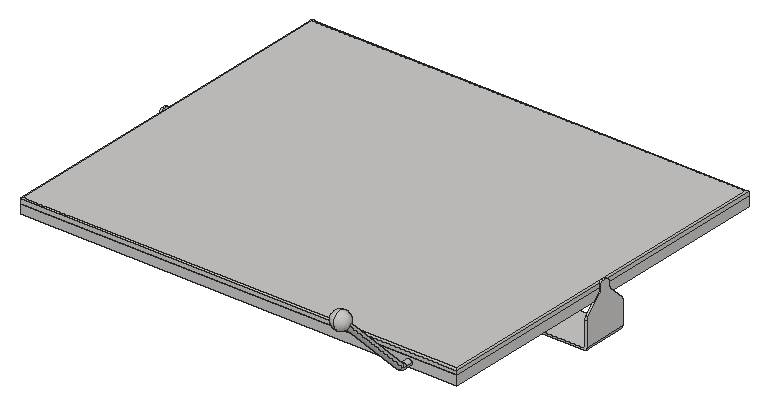
Revit family "PRD_FrankeWS_Mrrs_ContinaMirror_CNTX91", category Furniture, host Face, Revit 2018
Family settings
  Host = Face
  OmniClass Number = 23.40.20.21
  OmniClass Title = Toilet and Bath Specialties
  Cut with Voids When Loaded = No
  Shared = No
  Room Calculation Point = No
Parameters (values of type "CNTX91")
  WarrantyStartDate [instance] = "1900-12-31T23:59:59"
  WarrantyGuarantorParts = "n/a"
  WarrantyGuarantorLabor = "n/a"
  WarrantyDurationUnit = "year"
  WarrantyDurationParts = "n/a"
  WarrantyDurationLabor = "n/a"
  WarrantyDescription = "n/a"
  Version = "1"
  Uniclass2015Version = "Products v1.5"
  Uniclass2015Title = "Bathroom mirrors"
  Uniclass2015Code = "Pr_25_71_53_06"
  URL = "www.kwc.com"
  TypeOfFixing = "Clamp"
  TagNumber [instance] = "n/a"
  SustainabilityPerformance = "n/a"
  Style = "Mirror"
  Size = "600 x 500 x 74 mm"
  Shape = "n/a"
  SerialNumber [instance] = "n/a"
  Revision = "n/a"
  ReplacementCost = "n/a"
  ProductInformation = "https://pim.kwc.com/product/2000057509/attachment/datasheet?locale=en"
  NominalWidth = 600 mm
  NominalLength = 600 mm
  NominalHeight = 500 mm
  NominalDepth = 74 mm
  NetWeight = 7.50 kg
  Name = "CONTINA mirror CNTX91"
  NBSTypeID = "n/a"
  NBSReference = "45-35-72/336"
  NBSOfficeMasterTag = "n/a"
  NBSNote = "n/a"
  NBSDescription = "Mirrors"
  NBSCertification = "n/a"
  ModelReference = "CNTX91"
  ModelNumber = "2000057509"
  Model = ModelReference  # "CNTX91"
  MirrorMaterial = PRD_AR_StainlessSteel_HighPolished
  MaterialsGlazing = "Stainless steel 1.4301"
  MaterialsFrame = "Polystyrene"
  Material = "Stainless steel"
  ManufacturerURL = "www.kwc.com"
  ManufacturerName = "KWC Group AG"  # constant formula
  Manufacturer = ManufacturerName  # "KWC Group AG"
  MainColor = "Stainless steel"
  LeverOnRight [instance] = yes
  LeverOnLeft [instance] = not(LeverOnRight)  # no
  IntegralAccessories = "Stainless steel screws and dowels incl."
  InstallationDate [instance] = "1900-12-31T23:59:59"
  IfcExportType = "NOTDEFINED"
  IfcExportAs = "IfcFurnitureType"
  GrossWeight = 8.00 kg
  Grade = "n/a"
  FrameMaterial = PRD_AR_StainlessSteel_SatinFinished
  Form = "Wall mounted"
  Finish = "High polished"
  Features = "swingable, stainless steel, 1.00 mm, high polished, wall mounting, 600x500x74 mm (WxHxD)"
  ExpectedLife = "n/a"
  DurationUnit = "year"
  Description = "Swingable mirror for wall mounting, mirror and brackets stainless steel, mirror with a reflective polished surface, brackets surface satin finished, reinforced with polystyrene plate and hidden fixings, reinforced 1.5 mm stainless steel bracket on backside, swingable due to premounted lever, lever can be mounted right or left, incl. stainless steel screws and dowels."
  Default Elevation = 1100 mm
  Constituents = "n/a"
  Color = "Stainless steel"
  CodePerformance = "n/a"
  Category = "Pr_25_71_53_06, Bathroom mirrors"
  BarCode [instance] = "n/a"
  BIMObjectName = "PRD_AR_Mirrors_ContinaMirror_CNTX91"
  Author = "Archispace"  # constant formula
  AssetType = "Fixed"
  AssetIdentifier [instance] = "n/a"
  Angle [instance] = 0.00°
  AccessibilityPerformance = "n/a"
Reference planes
  plane 1 "Center (Front/Back)": y = 0
  plane 2: z = 0
  plane 3 "Center (Left/Right)": x = 0
  plane 4: y = 250
  plane 5: z = 68
Forms (mm)
  Extrusion 1, solid, material "PRD_AR_StainlessSteel_SatinFinished" <- "FrameMaterial", detail levels fine
    sketch origin (-937.396, 250, 1219.2) x (-1, 0, 0) y (0, 0, 1)
      loop
        line (-1237.396, -1214.2) -> (-1237.396, -1144.2) -> (-1240.396, -1144.2) -> (-1240.396, -1214.2)
        arc (-1240.396, -1214.2) -> (-1238.931, -1217.736) -> (-1235.396, -1219.2) r 5
        line (-1235.396, -1219.2) -> (-639.396, -1219.2)
        arc (-639.396, -1219.2) -> (-635.86, -1217.736) -> (-634.396, -1214.2) r 5
        line (-634.396, -1214.2) -> (-634.396, -1144.2) -> (-637.396, -1144.2) -> (-637.396, -1214.2)
        arc (-637.396, -1214.2) -> (-637.982, -1215.614) -> (-639.396, -1216.2) r 2
        line (-639.396, -1216.2) -> (-1235.396, -1216.2)
        arc (-1235.396, -1216.2) -> (-1236.81, -1215.614) -> (-1237.396, -1214.2) r 2
    from -30 to 30
  Extrusion 2, void
    sketch origin (0, 0, 0) x (0, 1, 0) y (0, 0, 1)
      loop
        line (221.464, 41.464) -> (241.536, 61.536)
        arc (241.536, 61.536) -> (242.619, 63.158) -> (243, 65.071) r 5
        line (243, 65.071) -> (243, 70)
        arc (243, 70) -> (244.464, 73.536) -> (248, 75) r 5
        line (248, 75) -> (220, 75) -> (220, 37.929)
        arc (220, 37.929) -> (220.381, 39.842) -> (221.464, 41.464) r 5
      loop
        line (257, 70) -> (257, 65.071)
        arc (257, 65.071) -> (257.381, 63.158) -> (258.464, 61.536) r 5
        line (258.464, 61.536) -> (278.536, 41.464)
        arc (278.536, 41.464) -> (279.619, 39.842) -> (280, 37.929) r 5
        line (280, 37.929) -> (280, 75) -> (252, 75)
        arc (252, 75) -> (255.536, 73.536) -> (257, 70) r 5
    from -303 to 303
  Extrusion 3, solid, material "PRD_AR_StainlessSteel_SatinFinished" <- "FrameMaterial", detail levels coarse+medium
    sketch origin (-937.396, 250, 1219.2) x (-1, 0, 0) y (0, 0, 1)
      loop
        line (-637.396, -1216.2) -> (-1237.396, -1216.2) -> (-1237.396, -1144.2) -> (-1240.396, -1144.2) -> (-1240.396, -1219.2) -> (-634.396, -1219.2) -> (-634.396, -1144.2) -> (-637.396, -1144.2) -> (-637.396, -1216.2)
    from -30 to 30
Cuts and joins
  Extrusion 2 cuts Extrusion 1
Lines and regions (mm)
  reference lines
    curve 1: line (0, 250, 68) -> (0, 177.408, 68)
    curve 2: line (0, 250, 68) -> (0, 250, 95.854)
Dimensions and locks
  locked: plane 1 "Center (Front/Back)" to plane 4 at 250
  "Angle": angle curve 1 to plane 5
  locked: curve 1 to curve 2 (angle 90.00°)
  aligned and locked: plane 2 to host face
  aligned and locked: level to host face
  aligned and locked: host face to Extrusion 1 sketch curve
  aligned and locked: Extrusion 3 sketch curve to cut or joined group of Extrusion 1, Extrusion 2
  aligned and locked: host face to Extrusion 3 sketch curve
  aligned and locked: plane 5 to curve 2
  aligned and locked: plane 4 to curve 2
  aligned and locked: nested 1 to curve 2
  aligned and locked: nested 1 to curve 1
  aligned and locked: plane 3 "Center (Left/Right)" to nested 1
Automatic sketch dimensions
  host sketch curve to host sketch curve = 2438.4 mm  (x2)
  Extrusion 1 sketch curve to Extrusion 1 sketch curve = 0 mm  (x4)
  plane 5 to Extrusion 1 sketch curve = 7 mm  (x2)
  plane 3 "Center (Left/Right)" to Extrusion 1 sketch curve = 303 mm
  Extrusion 1 sketch curve to Extrusion 1 sketch curve = 3 mm
  Extrusion 1 sketch curve to Extrusion 1 sketch curve = 2 mm  (x2)
  Extrusion 1 sketch curve to plane 3 "Center (Left/Right)" = 298 mm
  plane 5 to Extrusion 2 sketch curve = 7 mm
  Extrusion 2 sketch curve to plane 4 = 30 mm
  Extrusion 2 sketch curve to Extrusion 2 sketch curve = 1.464 mm  (x3)
  Extrusion 2 sketch curve to Extrusion 2 sketch curve = 3.536 mm  (x3)
  Extrusion 2 sketch curve to plane 5 = 2.929 mm  (x2)
  Extrusion 2 sketch curve to plane 4 = 12 mm
  plane 5 to Extrusion 2 sketch curve = 2 mm  (x2)
  Extrusion 2 sketch curve to plane 4 = 7 mm
  plane 4 to Extrusion 2 sketch curve = 2 mm
  plane 4 to Extrusion 2 sketch curve = 7 mm
  Extrusion 2 sketch curve to plane 5 = 6.464 mm
  plane 4 to Extrusion 2 sketch curve = 25 mm
  Extrusion 2 sketch curve to plane 5 = 26.536 mm  (x2)
  plane 5 to Extrusion 3 sketch curve = 7 mm  (x2)
  Extrusion 3 sketch curve to plane 3 "Center (Left/Right)" = 300 mm
  Extrusion 3 sketch curve to Extrusion 3 sketch curve = 3 mm  (x2)
  plane 3 "Center (Left/Right)" to Extrusion 3 sketch curve = 300 mm
Nested families
  nested 1: "CNTX91" at (0, 250, 68), type "CNTX91"
Definition of nested family "CNTX91"
  Parameters (values of type "CNTX91")
    Right = yes
    Mirror = none
    Left = yes
    Frame = none
    Default Elevation = 0 mm
  Reference planes
    plane 1 "Center (Front/Back)": y = 0
    plane 2: z = 0
    plane 3 "Center (Left/Right)": x = 0
    plane 4: x = 234
    plane 5: x = -234
  Forms (mm)
    Extrusion 1, solid, material <- "Mirror", detail levels fine
      sketch origin (0, 0, 0) x (1, 0, 0) y (0, 1, 0)
        loop
          line (-300, 250) -> (-300, -250) -> (300, -250) -> (300, 250) -> (-300, 250)
      from -1 to 6
    Sweep 2, void
      path in 3D
        loop
          line (300, 250, 6) -> (-300, 250, 6) -> (-300, -250, 6) -> (300, -250, 6) -> (300, 250, 6)
      profile origin (300, 0, 6) x (-1, 0, 0) y (0, 0, 1)
        loop
          line (0, 0) -> (0, -2)
          arc (0, -2) -> (0.586, -0.586) -> (2, 0) r 2
          line (2, 0) -> (0, 0)
    Extrusion 3, solid, material <- "Mirror", detail levels coarse+medium
      sketch origin (0, 0, 0) x (1, 0, 0) y (0, 1, 0)
        loop
          line (-300, 250) -> (-300, -250) -> (300, -250) -> (300, 250) -> (-300, 250)
      from -1 to 6
    Extrusion 4, solid, material <- "Frame"
      sketch origin (0, 0, 0) x (1, 0, 0) y (0, 1, 0)
        loop
          line (-300, 250) -> (-300, -250) -> (300, -250) -> (300, 250) -> (-300, 250)
      from -14.5 to -1
    Revolve 5, solid, material <- "Frame", visible <- "Right", detail levels medium+fine
      sketch origin (234, 337.683, 1200) x (0, 1, 0) y (0, 0, 1)
        loop
          arc (-693.466, -1108.563) -> (-699.057, -1095.065) -> (-713.542, -1096.972) r 12
          line (-713.542, -1096.972) -> (-697.708, -1112.806) -> (-693.466, -1108.563)
        axis (-697.708, -1112.806) -> (-713.542, -1096.972)
      angle from 0 to 360
    Sweep 6, solid, material <- "Frame", visible <- "Right"
      path origin (234, 337.683, 1200) x (0, 1, 0) y (0, 0, 1)
        loop
          line (-587.683, -1204.831) -> (-597.955, -1204.831)
          arc (-597.955, -1204.831) -> (-599.869, -1204.45) -> (-601.491, -1203.366) r 5
          line (-601.491, -1203.366) -> (-694.88, -1109.977)
      profile origin (234, -255.136, -4.831) x (0, 0, -1) y (1, 0, 0)
        loop
          circle (4, 0) r 4
    Revolve 7, solid, material <- "Frame", visible <- "Left", detail levels medium+fine
      sketch origin (-234, 337.683, 1200) x (0, 1, 0) y (0, 0, 1)
        loop
          arc (-693.466, -1108.563) -> (-699.057, -1095.065) -> (-713.542, -1096.972) r 12
          line (-713.542, -1096.972) -> (-697.708, -1112.806) -> (-693.466, -1108.563)
        axis (-697.708, -1112.806) -> (-713.542, -1096.972)
      angle from 0 to 360
    Sweep 8, solid, material <- "Frame", visible <- "Left"
      path origin (-234, 337.683, 1200) x (0, 1, 0) y (0, 0, 1)
        loop
          line (-587.683, -1204.831) -> (-597.955, -1204.831)
          arc (-597.955, -1204.831) -> (-599.869, -1204.45) -> (-601.491, -1203.366) r 5
          line (-601.491, -1203.366) -> (-694.88, -1109.977)
      profile origin (-234, -255.136, -4.831) x (0, 0, 1) y (-1, 0, 0)
        loop
          circle (-4, 0) r 4
  Cuts and joins
    Sweep 2 cuts Extrusion 1
  Lines and regions (mm)
    sketch lines
      curve 1: line (300, -250, 6) -> (300, 250, 6)
      curve 2: line (300, 250, 6) -> (-300, 250, 6)
      curve 3: line (-300, -250, 6) -> (300, -250, 6)
      curve 4: line (-300, 250, 6) -> (-300, -250, 6)
  Dimensions and locks
    locked: plane 3 "Center (Left/Right)" to plane 4 at 234
    aligned and locked: level to plane 2
